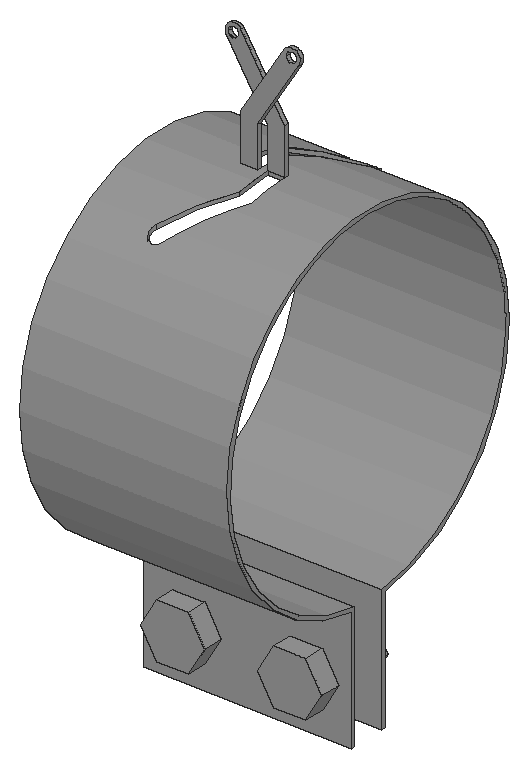
Revit family "ХЦ_Eng", category Duct Fittings, Revit 2021
Family settings
  Round Connector Dimension = Use Diameter
  Part Type = Union
  Work Plane-Based = No
  Always vertical = No
  Cut with Voids When Loaded = No
  Shared = No
Parameters (values of type "CZ 100")
  Width = Dn  # 102 mm
  Weight = 0.206 kg
  Load Classification = "HVAC"
  Length = 60 mm  # constant formula
  Height = H  # 172 mm
  H = 172 mm
  Dy = 100 mm
  Diameter = Dy  # 100 mm
  Default Elevation = 0 mm
  Manufacturer = "Vents"  # constant formula
  h1 = h - 15 mm  # 71 mm
  h = H / 2  # 86 mm
  URL = "https://ventilation-system.com/series/cz"
  Ry = Dy / 2  # 50 mm
  Rn = Dn / 2  # 51 mm
  Maintenance zone material = none
  Dn = Dy + 2 mm  # 102 mm
  Casing Material = Steel, galvanized
  09_System_Name [instance] = ""
  00_20_Type = "CZ 100"
  00_20_Name = "Clamp"  # constant formula
  00_20_Manufacturer = "Vents"  # constant formula
Types (8, lengths in mm): name | Width | Weight | Height | H | Dy | Diameter | h1 | h | Ry | Rn | Dn | Casing Material | 00_20_Type
  (no name) | 102 | 0.206 kg | 172 | 172 | 100 | 100 | 71 | 86 | 50 | 51 | 102 | Steel, galvanized | "CZ 100"
  CZ 100 | 102 | 0.206 kg | 172 | 172 | 100 | 100 | 71 | 86 | 50 | 51 | 102 | Steel, galvanized | "CZ 100"
  CZ 315 | 317 | 0.65 kg | 380 | 380 | 315 | 315 | 175 | 190 | 157.5 | 158.5 | 317 | Металл, окрашенный, синий, матовый RAL 5007 | "CZ 100"
  CZ 125 | 127 | 0.232 kg | 198 | 198 | 125 | 125 | 84 | 99 | 62.5 | 63.5 | 127 | Металл, окрашенный, синий, матовый RAL 5007 | "CZ 125"
  CZ 150 | 152 | 0.296 kg | 224 | 224 | 150 | 150 | 97 | 112 | 75 | 76 | 152 | Металл, окрашенный, синий, матовый RAL 5007 | "CZ 150"
  CZ 160 | 162 | 0.358 kg | 232 | 232 | 160 | 160 | 101 | 116 | 80 | 81 | 162 | Металл, окрашенный, синий, матовый RAL 5007 | "CZ 160"
  CZ 200 | 202 | 0.42 kg | 274 | 274 | 200 | 200 | 122 | 137 | 100 | 101 | 202 | Металл, окрашенный, синий, матовый RAL 5007 | "CZ 200"
  CZ 250 | 252 | 0.55 kg | 326 | 326 | 250 | 250 | 148 | 163 | 125 | 126 | 252 | Металл, окрашенный, синий, матовый RAL 5007 | "CZ 250"
Reference planes
  plane 1 "По центру (Вперед/Назад)": y = 0
  plane 2: z = 0
  plane 3 "По центру (Влево/Вправо)": x = 0
  plane 4: z = -86
  plane 5: z = 86
Forms (mm)
  Extrusion 1, solid, material "Steel, galvanized"
    sketch origin (0, 0, 0) x (0, 1, 0) y (0, 0, 1)
      loop
        line (5, -49.749) -> (5, -86) -> (6, -86) -> (6, -50.646)
        arc (6, -50.646) -> (0, 51) -> (-6, -50.646) r 51
        line (-6, -50.646) -> (-6, -86) -> (-5, -86) -> (-5, -49.749)
        arc (-5, -49.749) -> (0, 50) -> (5, -49.749) r 50
    from 30 to -30
  Extrusion 2, void
    sketch origin (0, 0, 0) x (1, 0, 0) y (0, 1, 0)
      loop
        line (-1, 0) -> (-1, 10) -> (10.784, 25.712)
        arc (10.784, 25.712) -> (10.284, 29.212) -> (6.784, 28.712) r 2.5
        line (6.784, 28.712) -> (-6, 11.667) -> (-6, 0) -> (-1, 0)
      loop
        line (1, 0) -> (1, -10) -> (-10.784, -25.712)
        arc (-10.784, -25.712) -> (-10.284, -29.212) -> (-6.784, -28.712) r 2.5
        line (-6.784, -28.712) -> (6, -11.667) -> (6, 0) -> (1, 0)
    from 39.765 to 51 <- "Rn"
  Extrusion 3, solid, material "Steel, galvanized"
    sketch origin (0, 0, 0) x (1, 0, 0) y (0, 0, 1)
      loop
        line (-1, 51) -> (-1, 62.788) -> (10.784, 82)
        arc (10.784, 82) -> (10.284, 85.5) -> (6.784, 85) r 2.5
        line (6.784, 85) -> (-6, 64.455) -> (-6, 51) -> (-1, 51)
      loop
        circle (8.784, 83.5) r 1.515
    from 0 to 1
  Extrusion 4, solid, material "Steel, galvanized"
    sketch origin (0, 0, 0) x (-1, 0, 0) y (0, 0, 1)
      loop
        line (-1, 51) -> (-1, 62.788) -> (10.784, 82)
        arc (10.784, 82) -> (10.284, 85.5) -> (6.784, 85) r 2.5
        line (6.784, 85) -> (-6, 64.455) -> (-6, 51) -> (-1, 51)
      loop
        circle (8.784, 83.5) r 1.506
    from 0 to 1
Cuts and joins
  Extrusion 2 cuts Extrusion 1
Dimensions and locks
  "h": level to Extrusion 1 sketch curve  (x2)
  "Rn": Extrusion 3 to level
  "Rn": Extrusion 4 to level
  locked: cut or joined group of Extrusion 1, Extrusion 2 to cut or joined group of Extrusion 1, Extrusion 2 at 60
  "h1": level to nested 1
  "h1": level to nested 2
  "h": plane 5 to level to plane 4
  locked: plane 5 to Extrusion 3 sketch curve at 2.5
  plane 5 to Extrusion 4 sketch curve = 2.5 mm
  "Dy": diameter of Extrusion 1 sketch curve
  "Dn": diameter of Extrusion 1 sketch curve
  aligned and locked: level to plane 2
  aligned and locked: Extrusion 3 to plane 1 "По центру (Вперед/Назад)"
  aligned and locked: cut or joined group of Extrusion 1, Extrusion 2 to nested 1
Automatic sketch dimensions
  plane 1 "По центру (Вперед/Назад)" to Extrusion 2 sketch curve = 0 mm  (x2)
  Extrusion 2 sketch curve to plane 3 "По центру (Влево/Вправо)" = 10.784 mm
  Extrusion 2 sketch curve to Extrusion 2 sketch curve = 2 mm  (x4)
  Extrusion 2 sketch curve to plane 3 "По центру (Влево/Вправо)" = 6 mm
  Extrusion 2 sketch curve to plane 3 "По центру (Влево/Вправо)" = 1 mm
  plane 3 "По центру (Влево/Вправо)" to Extrusion 2 sketch curve = 1 mm
  Extrusion 2 sketch curve to Extrusion 2 sketch curve = 5 mm
  plane 3 "По центру (Влево/Вправо)" to Extrusion 2 sketch curve = 6.784 mm
  plane 1 "По центру (Вперед/Назад)" to Extrusion 2 sketch curve = 10 mm
  Extrusion 2 sketch curve to Extrusion 2 sketch curve = 1.667 mm  (x2)
  Extrusion 2 sketch curve to Extrusion 2 sketch curve = 15.712 mm  (x2)
  Extrusion 2 sketch curve to Extrusion 2 sketch curve = 1.5 mm  (x2)
  Extrusion 2 sketch curve to plane 1 "По центру (Вперед/Назад)" = 10 mm
  Extrusion 4 sketch curve to Extrusion 4 sketch curve = 0 mm  (x2)
  plane 3 "По центру (Влево/Вправо)" to Extrusion 4 sketch curve = 6 mm
  plane 3 "По центру (Влево/Вправо)" to Extrusion 4 sketch curve = 1 mm
  Extrusion 4 sketch curve to plane 3 "По центру (Влево/Вправо)" = 6.784 mm
  Extrusion 4 sketch curve to Extrusion 4 sketch curve = 2 mm  (x2)
  Extrusion 4 sketch curve to Extrusion 4 sketch curve = 11.788 mm
  Extrusion 4 sketch curve to Extrusion 4 sketch curve = 1.667 mm
  Extrusion 4 sketch curve to Extrusion 4 sketch curve = 19.212 mm
  Extrusion 4 sketch curve to Extrusion 4 sketch curve = 1.5 mm
  Extrusion 3 sketch curve to Extrusion 3 sketch curve = 0 mm  (x2)
  Extrusion 3 sketch curve to plane 3 "По центру (Влево/Вправо)" = 6 mm
  Extrusion 3 sketch curve to plane 3 "По центру (Влево/Вправо)" = 1 mm
  plane 3 "По центру (Влево/Вправо)" to Extrusion 3 sketch curve = 6.784 mm
  Extrusion 3 sketch curve to Extrusion 3 sketch curve = 2 mm  (x2)
  Extrusion 3 sketch curve to Extrusion 3 sketch curve = 11.788 mm
  Extrusion 3 sketch curve to Extrusion 3 sketch curve = 1.667 mm
  Extrusion 3 sketch curve to Extrusion 3 sketch curve = 19.212 mm
  Extrusion 3 sketch curve to Extrusion 3 sketch curve = 1.5 mm
  Extrusion 1 sketch curve to Extrusion 1 sketch curve = 0 mm  (x2)
  Extrusion 1 sketch curve to level = 0 mm
  Extrusion 1 sketch curve to plane 1 "По центру (Вперед/Назад)" = 0 mm
  plane 1 "По центру (Вперед/Назад)" to Extrusion 1 sketch curve = 5 mm
  Extrusion 1 sketch curve to Extrusion 1 sketch curve = 1 mm  (x2)
  Extrusion 1 sketch curve to plane 1 "По центру (Вперед/Назад)" = 5 mm
  radius of Extrusion 4 sketch curve = 1.506 mm
  radius of Extrusion 3 sketch curve = 1.515 mm
Nested families
  nested 1: "Fastening" at (17, -6, -71), type "Fastening"
  nested 2: "Fastening" at (-17, -6, -71) x (-1, 0, 0) z (0, 0, 1), type "Fastening"
Connectors
  hvac at (0, 0, 0), driven by "Dy"
    settings: index 2, duct flow 0.0 m³/h, flow factor 0, pres drop 0.0 Pa, loss coef 0, conn angle 0.00°, conn width 304.8 mm, conn height 304.8 mm, conn diameter 100 mm, duct sys type 28, conn prof type 0, flow config 0, flow direction 0, loss method 0, conn ref index -1, conn util no, is conn primary yes, conn desc ""
Definition of nested family "Fastening"
  Parameters
    Default Elevation = 0 mm
  Reference planes
    plane 1 "По центру (Вперед/Назад)": y = 0
    plane 2: z = 0
    plane 3 "По центру (Влево/Вправо)": x = 0
  Forms (mm)
    Extrusion 1, solid
      sketch origin (0, 0, 0) x (1, 0, 0) y (0, 0, 1)
        loop
          line (4.624, -8.008) -> (9.247, 0) -> (4.624, 8.008) -> (-4.624, 8.008) -> (-9.247, 0) -> (-4.624, -8.008) -> (4.624, -8.008)
      from 0 to 6
    Extrusion 2, solid
      sketch origin (0, 0, 0) x (1, 0, 0) y (0, 0, 1)
        loop
          circle (0, 0) r 5
      from 0 to -22
    Extrusion 3, solid
      sketch origin (0, 0, 0) x (1, 0, 0) y (0, 0, 1)
        loop
          line (4.624, -8.008) -> (9.247, 0) -> (4.624, 8.008) -> (-4.624, 8.008) -> (-9.247, 0) -> (-4.624, -8.008) -> (4.624, -8.008)
      from -18 to -12
  Dimensions and locks
    locked: Extrusion 3 to Extrusion 3 at 6
    aligned and locked: level to plane 2
